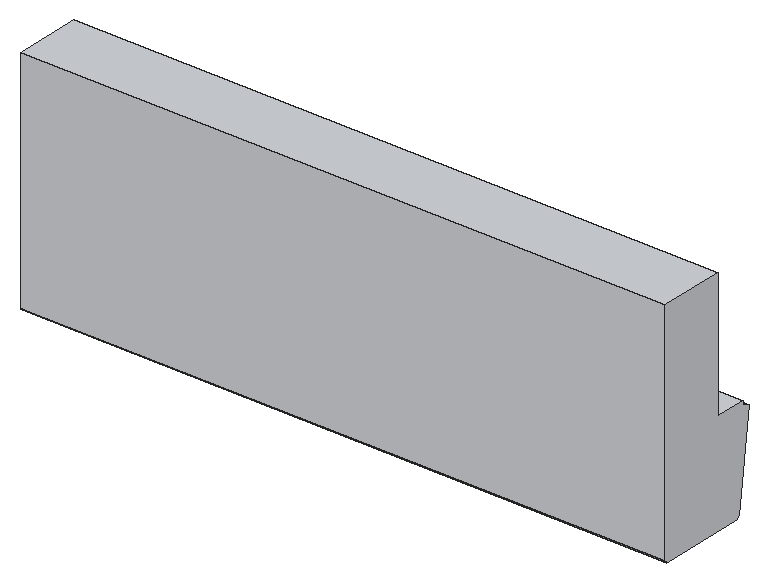
Revit family "KBE d=400_Precast-Console Beam_Spæncom", category Structural Framing, Revit 2014
Parameters (values of type "KBE 90/50")
  Structural Material [instance] = none
  Model = "KBE 90/50"
  Manufacturer = "Spæncom"
  Length [instance] = 3000 mm
  Height element = 900 mm
  Height (bjælkekroppen) = 500 mm
  Width (bjælkekroppen) = 260 mm  # constant formula
  Height console = 400 mm  # constant formula
  Width console = 150 mm  # constant formula
  Base width = 360 mm  # constant formula
Types (9, lengths in mm): name | Model | Height (bjælkekroppen)
  (no name) | "KBE 90/50" | 500
  KBE 58/18 | "KBE 58/18" | 180
  KBE 62/22 | "KBE 62/22" | 220
  KBE 67/27 | "KBE 67/27" | 270
  KBE 70/30 | "KBE 70/30" | 300
  KBE 72/32 | "KBE 72/32" | 320
  KBE 77/37 | "KBE 77/37" | 370
  KBE 80/40 | "KBE 80/40" | 400
  KBE 90/50 | "KBE 90/50" | 500
Reference planes
  plane 1 "Center (Front/Back)": y = 0
  plane 2 "Center Elevation": z = 0
  plane 3 "Center (Left/Right)": x = 0
  plane 4 "Left": x = -1500
  plane 5 "Member Left": x = -1250
  plane 6 "Stick Symbol Left": x = -1000
  plane 7 "Right": x = 1500
  plane 8 "Member Right": x = 1250
  plane 9 "Stick Symbol Right": x = 1000
  plane 10: through (0, 226.914, 375.316) normal (0, -0.9923, 0.124)
  plane 11: z = 400
  plane 12: through (0, 226.914, 375.316) normal (0, -0.9923, 0.124)
  plane 13: z = 400
Forms (mm)
  Extrusion 1, solid, material <- "Structural Material"
    sketch origin (-1500, 0, 0) x (0, -1, 0) y (0, 0, 1)
      loop
        line (-80, 400) -> (-200, 400) -> (-200, 390.343) -> (-226.914, 375.316) -> (-181.24, 9.923) -> (-170, 0) -> (170, 0) -> (180, 10) -> (180, 900) -> (-80, 900) -> (-80, 400)
    from -2750 to -250
Dimensions and locks
  equal spacing: plane 4 "Left", plane 3 "Center (Left/Right)", plane 7 "Right"
  "Length": plane 4 "Left" to plane 7 "Right"
  "Height console": plane 11 to plane 2 "Center Elevation"
  "Height (bjælkekroppen)": plane 11 to Extrusion 1
  "Base width": plane 10 to Extrusion 1
  "Height element": Extrusion 1 to Extrusion 1
  "Width (bjælkekroppen)": Extrusion 1 to Extrusion 1
  "Width console": plane 11 to Extrusion 1
  "Width console": plane 12 to Extrusion 1 sketch curve
  locked: plane 12 to Extrusion 1 sketch curve at 30
  aligned and locked: level to plane 2 "Center Elevation"
  aligned and locked: Extrusion 1 to plane 8 "Member Right"
  aligned and locked: plane 5 "Member Left" to Extrusion 1
  aligned and locked: Extrusion 1 to plane 10
  aligned and locked: Extrusion 1 to plane 11
  aligned and locked: Extrusion 1 sketch curve to plane 10
  aligned and locked: Extrusion 1 sketch curve to plane 11
  aligned and locked: Extrusion 1 sketch curve to level
Automatic sketch dimensions
  Extrusion 1 sketch curve to plane 1 "Center (Front/Back)" = 170 mm
  level to Extrusion 1 sketch curve = 9.923 mm
  plane 1 "Center (Front/Back)" to Extrusion 1 sketch curve = 170 mm
  level to Extrusion 1 sketch curve = 10 mm
  Extrusion 1 sketch curve to Extrusion 1 sketch curve = 10 mm
  Extrusion 1 sketch curve to plane 11 = 500 mm
  plane 11 to Extrusion 1 sketch curve = 9.657 mm
  plane 11 to Extrusion 1 sketch curve = 24.684 mm
